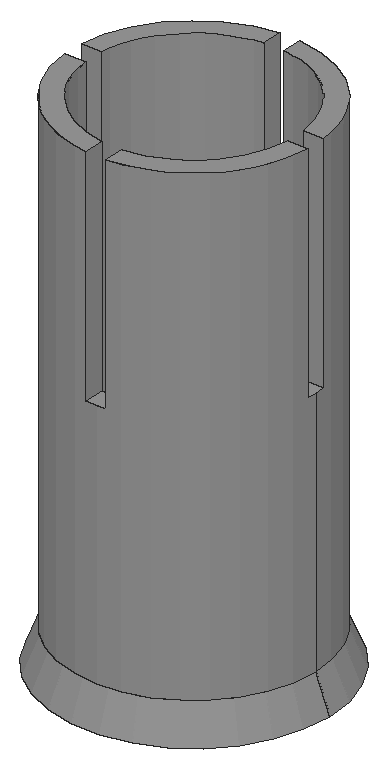
Revit family "ES M 10x25 Einschlaganker ES", category Generic Models, Revit 2017
Family settings
  Can host rebar = No
  Round Connector Dimension = Use Diameter
  Part Type = Normal
  Work Plane-Based = No
  Always vertical = Yes
  Cut with Voids When Loaded = No
  Shared = No
  Room Calculation Point = No
Parameters (values of type "ES M 10x25")
  URL = "http://www.obo-bettermann.com"
  Material = Electrogalvanised
  Manufacturer Art.No. = "3492022"
  Manufacturer = "OBO BETTERMANN"
  GTIN = "4012196709625"
  Article Type = "ES M 10x25"
Reference planes
  plane 1 "Center (Front/Back)": y = 0
  plane 2: z = 0
  plane 3 "Center (Left/Right)": x = 0
  plane 4: z = 25
  plane 5: z = 14
  plane 6: z = 1.73
  plane 7: x = 6.7
  plane 8: x = -6.7
  plane 9: through (0, 0, 1200) normal (-0.7071, -0.7071, 0)
Forms (mm)
  Extrusion 1, solid, material "Electrogalvanised" <- "Material"
    sketch origin (0, 0, 0) x (1, 0, 0) y (0, 1, 0)
      loop
        circle (0, 0) r 6
      loop
        circle (0, 0) r 5
    from 1.73 to 25
  Revolve 2, solid, material "Electrogalvanised" <- "Material"
    sketch origin (0, 0, 0) x (1, 0, 0) y (0, 0, 1)
      loop
        line (6, 1.73) -> (4.998, 1.73) -> (4.998, 0) -> (6.7, 0) -> (6, 1.73)
      axis (0, 1.73) -> (0, 0)
    angle from 0 to 360
  Extrusion 3, void
    sketch origin (0, 0, 0) x (1, 0, 0) y (0, 0, 1)
      loop
        line (-0.547, 25) -> (-0.547, 14) -> (0.453, 14) -> (0.453, 25) -> (-0.547, 25)
    from 4.675 to 6.965
  Extrusion 4, void
    sketch origin (0, 0, 0) x (1, 0, 0) y (0, 0, -1)
      loop
        line (-0.547, -25) -> (0.453, -25) -> (0.453, -14) -> (-0.547, -14) -> (-0.547, -25)
    from 4.675 to 6.965
  Extrusion 5, void
    sketch origin (0, 0, 0) x (0, -1, 0) y (0, 0, 1)
      loop
        line (-0.547, 25) -> (-0.547, 14) -> (0.453, 14) -> (0.453, 25) -> (-0.547, 25)
    from 4.675 to 6.965
  Extrusion 6, void
    sketch origin (0, 0, 0) x (0, -1, 0) y (0, 0, -1)
      loop
        line (-0.547, -25) -> (0.453, -25) -> (0.453, -14) -> (-0.547, -14) -> (-0.547, -25)
    from 4.675 to 6.965
Cuts and joins
  Extrusion 3, Extrusion 4, Extrusion 5, Extrusion 6 cuts Extrusion 1
Dimensions and locks
  locked: plane 3 "Center (Left/Right)" to Extrusion 1 sketch curve  (x2)
  locked: plane 3 "Center (Left/Right)" to Extrusion 1 sketch curve at 6
  locked: plane 3 "Center (Left/Right)" to Extrusion 1 sketch curve at 5
  locked: plane 4 to level at 25
  locked: Extrusion 1 to level at 1.73
  locked: Extrusion 1 to Revolve 2 sketch curve at 1.73  (x2)
  locked: Revolve 2 sketch curve to Revolve 2 sketch curve at 1.002
  locked: Extrusion 1 to plane 5 at 11
  locked: Extrusion 3 sketch curve to Extrusion 3 sketch curve at 1
  Extrusion 3 sketch curve to plane 3 "Center (Left/Right)" = 0.547 mm
  locked: Extrusion 3 sketch curve to plane 3 "Center (Left/Right)" at 0.547
  locked: Extrusion 4 sketch curve to Extrusion 4 sketch curve at 1
  locked: Extrusion 5 sketch curve to Extrusion 5 sketch curve at 1
  locked: Extrusion 6 sketch curve to Extrusion 6 sketch curve at 1
  aligned and locked: level to plane 2
  aligned and locked: plane 4 to Extrusion 1
  aligned and locked: Extrusion 1 to plane 6
  aligned and locked: Revolve 2 sketch curve to plane 6
  aligned and locked: level to Revolve 2 sketch curve
  aligned and locked: Revolve 2 sketch curve to plane 3 "Center (Left/Right)"
  aligned and locked: Extrusion 3 to plane 5
  aligned and locked: Extrusion 1 to Extrusion 3
